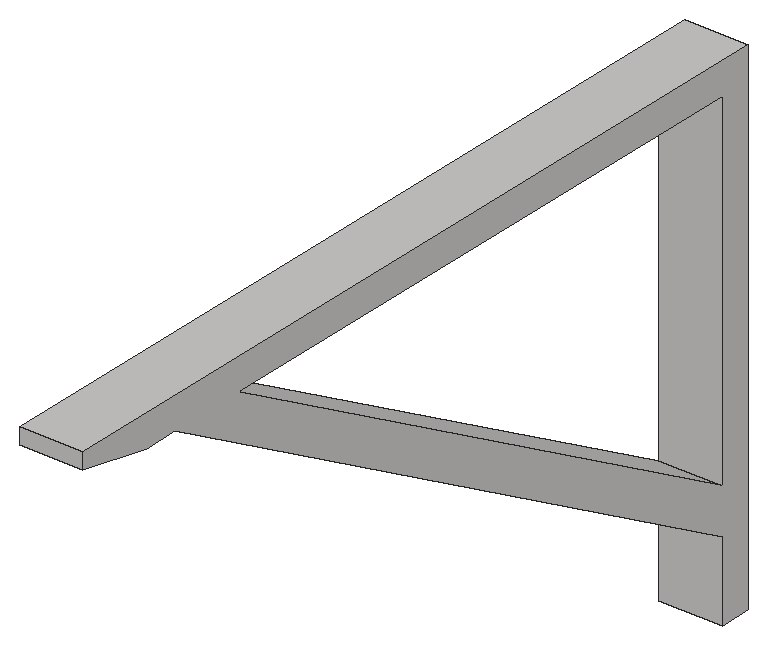
Revit family "PRD_FrankeWS_SnksSuprts_SiriusBracketForUtilitySinks_BS354", category Plumbing Fixtures, Revit 2018
Family settings
  Round Connector Dimension = Use Diameter
  Part Type = Normal
  OmniClass Number = 23.45.05.00
  OmniClass Title = Sanitary Equipment
  Work Plane-Based = No
  Always vertical = No
  Cut with Voids When Loaded = No
  Shared = Yes
  Room Calculation Point = No
Parameters (values of type "BS354")
  WarrantyStartDate [instance] = "1900-12-31T23:59:59"
  WarrantyGuarantorParts = "n/a"
  WarrantyGuarantorLabor = "n/a"
  WarrantyDurationUnit = "year"
  WarrantyDurationParts = "n/a"
  WarrantyDurationLabor = "n/a"
  WarrantyDescription = "n/a"
  Version = "1"
  Uniclass2015Version = "Products v1.5"
  Uniclass2015Title = "Sink supports"
  Uniclass2015Code = "Pr_20_85_09_88"
  URL = "www.kwc.com"
  TagNumber [instance] = "n/a"
  SustainabilityPerformance = "n/a"
  Size = "40 x 320 x 525 mm"
  Shape = "Triangular"
  SerialNumber [instance] = "n/a"
  Revision = "n/a"
  ReplacementCost = "n/a"
  Reference = "n/a"
  ProductInformation = "https://pim.kwc.com/product/2000056824/attachment/datasheet?locale=en"
  NominalWidth = 525 mm
  NominalLength = 40 mm
  NominalHeight = 320 mm
  NetWeight = 1.40 kg
  Name = "SIRIUS bracket for utility sinks BS354"
  NBSTypeID = "n/a"
  NBSReference = "45-35-70/347"
  NBSOfficeMasterTag = "n/a"
  NBSNote = "n/a"
  NBSDescription = "Supports for sinks"
  NBSCertification = "n/a"
  ModelReference = "BS354"
  ModelNumber = "2000056824"
  Model = ModelReference  # "BS354"
  MaterialsLegsFinishAndColour = "n/a"
  MaterialsLegsBody = "n/a"
  MaterialsBracketsFinishAndColour = "Satin finished"
  MaterialsBracketsBody = "Stainless steel 1.4301"
  MaterialThickness = 1.5 mm
  Material = "Stainless steel"
  ManufacturerURL = "www.kwc.com"
  ManufacturerName = "KWC Group AG"  # constant formula
  Manufacturer = ManufacturerName  # "KWC Group AG"
  InstallationDate [instance] = "1900-12-31T23:59:59"
  IfcExportType = "NOTDEFINED"
  IfcExportAs = "IfcBuildingElementProxy"
  GrossWeight = 1.70 kg
  Grade = "n/a"
  Form = "Wall-mounted"
  Finish = "Satin finished"
  Features = "stainless steel, 1.50 mm, satin finished, wall mounting, 40x320x525 mm (WxHxD)"
  ExpectedLife = "n/a"
  DurationUnit = "year"
  Description = "Bracket for wall mounting, stainless steel, surface satin finished, material thickness 1.5 mm, incl. stainless steel screws and dowels."
  Constituents = "n/a"
  Color = "Stainless steel"
  CodePerformance = "n/a"
  Category = "Pr_20_85_09_88, Sink supports"
  BracketMaterial = PRD_AR_StainlessSteel_SatinFinished
  BarCode [instance] = "n/a"
  BIMObjectName = "PRD_AR_SinkSupports_SiriusBracketForUtilitySinks_BS354"
  Author = "Archispace"  # constant formula
  AssetType = "Fixed"
  AssetIdentifier [instance] = "n/a"
  AccessibilityPerformance = "n/a"
Reference planes
  plane 1 "Center (Front/Back)": y = 0
  plane 2: z = 0
  plane 3 "Center (Left/Right)": x = 0
Forms (mm)
  Extrusion 1, solid, material "PRD_AR_StainlessSteel_SatinFinished" <- "BracketMaterial", detail levels medium+fine
    sketch origin (0, 0, 0) x (0, 1, 0) y (0, 0, 1)
      loop
        line (-402.47, -20) -> (-20.018, -240.809) -> (-20.071, -20) -> (-402.47, -20)
      loop
        line (-20.011, -320) -> (0, -320) -> (0, 0) -> (-525, 0) -> (-525, -10) -> (-475, -20) -> (-452.47, -20) -> (-20.011, -269.68) -> (-20.011, -320)
    from -20 to 20
  Extrusion 2, solid, material "PRD_AR_StainlessSteel_SatinFinished" <- "BracketMaterial", detail levels coarse
    sketch origin (0, 0, 0) x (0, 1, 0) y (0, 0, 1)
      loop
        line (0, -320) -> (0, 0) -> (-525, 0) -> (-525, -20) -> (-452.47, -20) -> (-20.011, -269.68) -> (-20.011, -320) -> (0, -320)
    from -20 to 20
Dimensions and locks
  aligned and locked: level to plane 2
